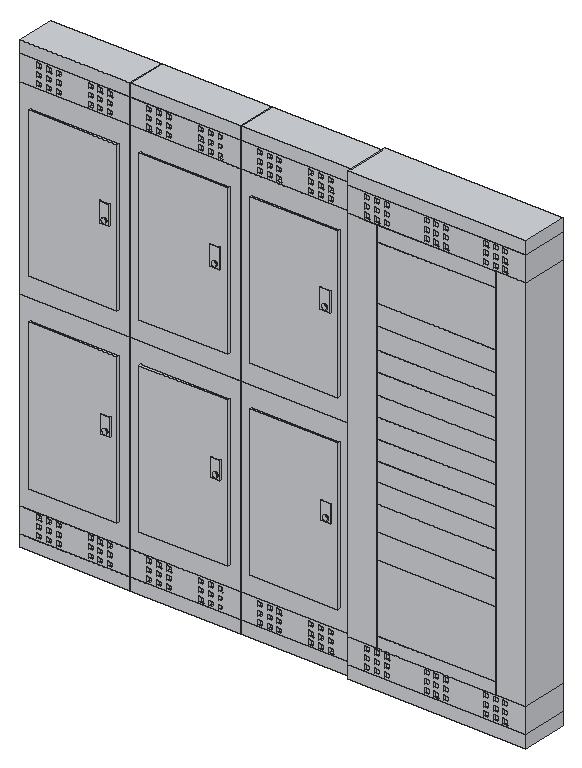
Revit family "Switchboard", category Generic Models, Revit 2025
Family settings
  Can host rebar = No
  Round Connector Dimension = Use Diameter
  Part Type = Normal
  Work Plane-Based = No
  Always vertical = Yes
  Cut with Voids When Loaded = No
  Maintain Annotation Orientation = No
  Shared = No
  Room Calculation Point = No
Parameters
  Width = 8' - 8"
  Default Elevation = 0' - 0"
Reference planes (in)
  plane 1 "Center (Front/Back)": y = 0
  plane 2: z = 0
  plane 3 "Center (Left/Right)": x = 0
  plane 4: x = -51.875
  plane 5: x = 0
  plane 6: y = 0
  plane 7 "center": z = 46.25
  plane 8: x = 51.875
Dimensions and locks (in)
  plane 5 to plane 4 = 4' - 3 7/8"
  plane 8 to plane 5 = 4' - 3 7/8"
  aligned and locked: level to plane 2
Nested families (in)
  nested 1: "Appliance Panel Top" at (-40.625, 0, 46.25), type "Standard"
  nested 2: "Appliance Panel Top" at (-18.125, 0, 46.25), type "Standard"
  nested 3: "Appliance Panel Top" at (4.375, 0, 46.25), type "Standard"
  nested 4: "Appliance Panel Bottom" at (-40.625, 0, 0), type "Standard"
  nested 5: "Appliance Panel Bottom" at (-18.125, 0, 0), type "Standard"
  nested 6: "Appliance Panel Bottom" at (4.375, 0, 0), type "Standard"
  nested 7: "Main Distribution Panel" at (33.75, 0, 0), type "Standard"
Definition of nested family "Appliance Panel Top"
  Parameters (values of type "Standard")
    Width = 1' - 10 1/2"
    Panel Width = 1' - 6"
    Depth = 0' - 8"
    Default Elevation = 4' - 0"
  Reference planes (in)
    plane 1 "Center (Front/Back)": y = 0
    plane 2: z = 0
    plane 3 "Center (Left/Right)": x = 0
    plane 4: z = 38.75
    plane 5: z = 44
    plane 6: z = 46.5
  Forms (in)
    Extrusion 1, solid
      sketch origin (0, 0, 0) x (1, 0, 0) y (0, 1, 0)
        loop
          line (-11.25, 4) -> (-11.25, -4) -> (11.25, -4) -> (11.25, 4) -> (-11.25, 4)
      from 0 to 38.75
    Extrusion 2, solid
      sketch origin (0, 0, 38.75) x (1, 0, 0) y (0, 1, 0)
        loop
          line (-11.25, 4) -> (-11.25, -4) -> (11.25, -4) -> (11.25, 4) -> (-11.25, 4)
      from 0 to 5.25
    Extrusion 3, solid
      sketch origin (0, 0, 44) x (1, 0, 0) y (0, 1, 0)
        loop
          line (-11.25, 4) -> (-11.25, -4) -> (11.25, -4) -> (11.25, 4) -> (-11.25, 4)
      from 0 to 2.5
    Extrusion 4, solid
      sketch origin (11.25, -4, 38.75) x (-1, 0, 0) y (0, 0, -1)
        loop
          line (20.25, 4.125) -> (20.25, 34.5) -> (2.25, 34.5) -> (2.25, 4.125) -> (20.25, 4.125)
      from 0 to 0.5
    Extrusion 5, solid
      sketch origin (11.25, -4.5, 38.75) x (-1, 0, 0) y (0, 0, -1)
        loop
          line (5.75, 15.5) -> (5.75, 19.5) -> (3.75, 19.5) -> (3.75, 15.5) -> (5.75, 15.5)
      from 0.16797 to 0
    Extrusion 6, solid
      sketch origin (11.25, -4.66797, 38.75) x (-1, 0, 0) y (0, 0, -1)
        loop
          circle (4.75, 18.75) r 0.5
      from 0 to 0.125
    Extrusion 7, void
      sketch origin (11.25, -4, 38.75) x (1, 0, 0) y (0, 0, -1)
        loop
          line (-19, -4.83333) -> (-18, -4.83333) -> (-18, -3.83333) -> (-19, -3.83333) -> (-19, -4.83333)
        loop
          line (-19, -3.125) -> (-18, -3.125) -> (-18, -2.125) -> (-19, -2.125) -> (-19, -3.125)
        loop
          line (-19, -1.4375) -> (-18, -1.4375) -> (-18, -0.4375) -> (-19, -0.4375) -> (-19, -1.4375)
        loop
          line (-17, -4.83333) -> (-16, -4.83333) -> (-16, -3.83333) -> (-17, -3.83333) -> (-17, -4.83333)
        loop
          line (-17, -3.125) -> (-16, -3.125) -> (-16, -2.125) -> (-17, -2.125) -> (-17, -3.125)
        loop
          line (-17, -1.4375) -> (-16, -1.4375) -> (-16, -0.4375) -> (-17, -0.4375) -> (-17, -1.4375)
        loop
          line (-15, -4.83333) -> (-14, -4.83333) -> (-14, -3.83333) -> (-15, -3.83333) -> (-15, -4.83333)
        loop
          line (-15, -3.125) -> (-14, -3.125) -> (-14, -2.125) -> (-15, -2.125) -> (-15, -3.125)
        loop
          line (-15, -1.4375) -> (-14, -1.4375) -> (-14, -0.4375) -> (-15, -0.4375) -> (-15, -1.4375)
        loop
          line (-3.5, -4.83333) -> (-3.5, -3.83333) -> (-4.5, -3.83333) -> (-4.5, -4.83333) -> (-3.5, -4.83333)
        loop
          line (-3.5, -3.125) -> (-3.5, -2.125) -> (-4.5, -2.125) -> (-4.5, -3.125) -> (-3.5, -3.125)
        loop
          line (-3.5, -1.4375) -> (-3.5, -0.4375) -> (-4.5, -0.4375) -> (-4.5, -1.4375) -> (-3.5, -1.4375)
        loop
          line (-5.5, -4.83333) -> (-5.5, -3.83333) -> (-6.5, -3.83333) -> (-6.5, -4.83333) -> (-5.5, -4.83333)
        loop
          line (-5.5, -3.125) -> (-5.5, -2.125) -> (-6.5, -2.125) -> (-6.5, -3.125) -> (-5.5, -3.125)
        loop
          line (-5.5, -1.4375) -> (-5.5, -0.4375) -> (-6.5, -0.4375) -> (-6.5, -1.4375) -> (-5.5, -1.4375)
        loop
          line (-7.5, -4.83333) -> (-7.5, -3.83333) -> (-8.5, -3.83333) -> (-8.5, -4.83333) -> (-7.5, -4.83333)
        loop
          line (-7.5, -3.125) -> (-7.5, -2.125) -> (-8.5, -2.125) -> (-8.5, -3.125) -> (-7.5, -3.125)
        loop
          line (-7.5, -1.4375) -> (-7.5, -0.4375) -> (-8.5, -0.4375) -> (-8.5, -1.4375) -> (-7.5, -1.4375)
      from 0 to 0.5
  Cuts and joins
    Extrusion 7 cuts Extrusion 2
  Dimensions and locks (in)
    equal spacing: Extrusion 1 sketch curve, plane 3 "Center (Left/Right)", Extrusion 1 sketch curve
    equal spacing: Extrusion 1 sketch curve, plane 1 "Center (Front/Back)", Extrusion 1 sketch curve
    "Width": Extrusion 1 sketch curve to Extrusion 1 sketch curve
    "Depth": Extrusion 1 sketch curve to Extrusion 1 sketch curve
    plane 4 to plane 2 = 3' - 2 3/4"
    equal spacing: Extrusion 2 sketch curve, plane 3 "Center (Left/Right)", Extrusion 2 sketch curve
    equal spacing: Extrusion 2 sketch curve, plane 1 "Center (Front/Back)", Extrusion 2 sketch curve
    "Width": Extrusion 2 sketch curve to Extrusion 2 sketch curve
    "Depth": Extrusion 2 sketch curve to Extrusion 2 sketch curve
    plane 5 to plane 4 = 0' - 5 1/4"
    Extrusion 3 sketch curve to Extrusion 3 sketch curve = 1' - 10 1/2"
    equal spacing: Extrusion 3 sketch curve, plane 1 "Center (Front/Back)", Extrusion 3 sketch curve
    "Width": Extrusion 3 sketch curve to Extrusion 3 sketch curve
    "Depth": Extrusion 3 sketch curve to Extrusion 3 sketch curve
    plane 6 to plane 5 = 0' - 2 1/2"
    equal spacing: Extrusion 4 sketch curve, plane 3 "Center (Left/Right)", Extrusion 4 sketch curve
    "Panel Width": Extrusion 4 sketch curve to Extrusion 4 sketch curve
    Extrusion 4 sketch curve to plane 2 = 0' - 4 1/4"
    Extrusion 5 sketch curve to Extrusion 4 = 1' - 3"
    Extrusion 5 sketch curve to Extrusion 4 = 0' - 1 1/2"
    aligned and locked: plane 2 to level
    aligned and locked: plane 4 to Extrusion 1
    aligned and locked: plane 5 to Extrusion 2
    aligned and locked: plane 6 to Extrusion 3
  Automatic sketch dimensions
    Extrusion 5 sketch curve to Extrusion 5 sketch curve = 0' - 2"
    Extrusion 5 sketch curve to Extrusion 5 sketch curve = 0' - 4"
    Extrusion 6 sketch curve to Extrusion 5 = 0' - 1"
    Extrusion 6 sketch curve to Extrusion 5 = 0' - 0 3/4"
    Extrusion 7 sketch curve to Extrusion 2 = 0' - 0.41667"  (x6)
    Extrusion 7 sketch curve to Extrusion 2 = 0' - 3 1/2"
    Extrusion 7 sketch curve to Extrusion 7 sketch curve = 0' - 0"  (x25)
    Extrusion 7 sketch curve to Extrusion 7 sketch curve = 0' - 1"  (x20)
    Extrusion 7 sketch curve to Extrusion 2 = 0' - 2 1/8"
    Extrusion 7 sketch curve to Extrusion 7 sketch curve = 0' - 5 1/2"
    Extrusion 7 sketch curve to Extrusion 2 = 0' - 0 7/16"  (x6)
    Extrusion 7 sketch curve to Extrusion 7 sketch curve = 0' - 0.70833"  (x6)
    Extrusion 7 sketch curve to Extrusion 7 sketch curve = 0' - 0 11/16"  (x6)
    Extrusion 2 sketch curve to Extrusion 1 = 0' - 0"
    Extrusion 3 sketch curve to Extrusion 2 = 0' - 0"  (x2)
    Extrusion 4 sketch curve to Extrusion 2 = 0' - 4 1/8"
    radius of Extrusion 6 sketch curve = 0' - 0 1/2"
Definition of nested family "Appliance Panel Bottom"
  Parameters (values of type "Standard")
    Width = 1' - 10 1/2"
    Panel Width = 1' - 6"
    Depth = 0' - 8"
    Default Elevation = 4' - 0"
  Reference planes (in)
    plane 1 "Center (Front/Back)": y = 0
    plane 2: z = 0
    plane 3 "Center (Left/Right)": x = 0
    plane 4: z = 2.5
    plane 5: z = 7.625
    plane 6: z = 46.25
    plane 7: x = -11.25
    plane 8: z = 5.91667
    plane 9: z = 4.20833
    plane 10: z = 5.0625
    plane 11: z = 6.77083
    plane 12: z = 3.35417
    plane 13: x = 6.6875
  Forms (in)
    Extrusion 1, solid
      sketch origin (0, 0, 0) x (1, 0, 0) y (0, 1, 0)
        loop
          line (-11.25, 4) -> (-11.25, -4) -> (11.25, -4) -> (11.25, 4) -> (-11.25, 4)
      from 0 to 2.5
    Extrusion 2, solid
      sketch origin (0, 0, 2.5) x (1, 0, 0) y (0, 1, 0)
        loop
          line (-11.25, 4) -> (-11.25, -4) -> (11.25, -4) -> (11.25, 4) -> (-11.25, 4)
      from 0 to 5.125
    Extrusion 3, solid
      sketch origin (0, 0, 7.625) x (1, 0, 0) y (0, 1, 0)
        loop
          line (-11.25, 4) -> (-11.25, -4) -> (11.25, -4) -> (11.25, 4) -> (-11.25, 4)
      from 0 to 38.625
    Extrusion 4, void
      sketch origin (11.25, -4, 2.5) x (1, 0, 0) y (0, 0, -1)
        loop
          line (-19, -4.77083) -> (-18, -4.77083) -> (-18, -3.77083) -> (-19, -3.77083) -> (-19, -4.77083)
        loop
          line (-19, -3.0625) -> (-18, -3.0625) -> (-18, -2.0625) -> (-19, -2.0625) -> (-19, -3.0625)
        loop
          line (-19, -1.375) -> (-18, -1.375) -> (-18, -0.375) -> (-19, -0.375) -> (-19, -1.375)
        loop
          line (-17, -4.77083) -> (-16, -4.77083) -> (-16, -3.77083) -> (-17, -3.77083) -> (-17, -4.77083)
        loop
          line (-17, -3.0625) -> (-16, -3.0625) -> (-16, -2.0625) -> (-17, -2.0625) -> (-17, -3.0625)
        loop
          line (-17, -1.375) -> (-16, -1.375) -> (-16, -0.375) -> (-17, -0.375) -> (-17, -1.375)
        loop
          line (-15, -4.77083) -> (-14, -4.77083) -> (-14, -3.77083) -> (-15, -3.77083) -> (-15, -4.77083)
        loop
          line (-15, -3.0625) -> (-14, -3.0625) -> (-14, -2.0625) -> (-15, -2.0625) -> (-15, -3.0625)
        loop
          line (-15, -1.375) -> (-14, -1.375) -> (-14, -0.375) -> (-15, -0.375) -> (-15, -1.375)
        loop
          line (-3.5, -4.77083) -> (-3.5, -3.77083) -> (-4.5, -3.77083) -> (-4.5, -4.77083) -> (-3.5, -4.77083)
        loop
          line (-3.5, -3.0625) -> (-3.5, -2.0625) -> (-4.5, -2.0625) -> (-4.5, -3.0625) -> (-3.5, -3.0625)
        loop
          line (-3.5, -1.375) -> (-3.5, -0.375) -> (-4.5, -0.375) -> (-4.5, -1.375) -> (-3.5, -1.375)
        loop
          line (-5.5, -4.77083) -> (-5.5, -3.77083) -> (-6.5, -3.77083) -> (-6.5, -4.77083) -> (-5.5, -4.77083)
        loop
          line (-5.5, -3.0625) -> (-5.5, -2.0625) -> (-6.5, -2.0625) -> (-6.5, -3.0625) -> (-5.5, -3.0625)
        loop
          line (-5.5, -1.375) -> (-5.5, -0.375) -> (-6.5, -0.375) -> (-6.5, -1.375) -> (-5.5, -1.375)
        loop
          line (-7.5, -4.77083) -> (-7.5, -3.77083) -> (-8.5, -3.77083) -> (-8.5, -4.77083) -> (-7.5, -4.77083)
        loop
          line (-7.5, -3.0625) -> (-7.5, -2.0625) -> (-8.5, -2.0625) -> (-8.5, -3.0625) -> (-7.5, -3.0625)
        loop
          line (-7.5, -1.375) -> (-7.5, -0.375) -> (-8.5, -0.375) -> (-8.5, -1.375) -> (-7.5, -1.375)
      from 0 to 0.5
    Extrusion 5, solid
      sketch origin (11.25, -4, 7.625) x (-1, 0, 0) y (0, 0, -1)
        loop
          line (20.25, -34.5) -> (20.25, -4.125) -> (2.25, -4.125) -> (2.25, -34.5) -> (20.25, -34.5)
      from 0 to 0.5
    Extrusion 6, solid
      sketch origin (11.375, -4.5, 7.625) x (-1, 0, 0) y (0, 0, -1)
        loop
          line (5.625, -23) -> (5.625, -19.375) -> (3.75, -19.375) -> (3.75, -23) -> (5.625, -23)
      from 0.16797 to 0
    Extrusion 7, solid
      sketch origin (11.375, -4.66797, 7.625) x (-1, 0, 0) y (0, 0, -1)
        loop
          circle (4.6875, -20.125) r 0.5
      from 0 to 0.125
    Extrusion 8, solid, not visible
      sketch origin (11.25, -4.75, 56.5) x (-1, 0, 0) y (0, 0, -1)
        loop
          line (20.25, 10.25) -> (20.25, 43.5) -> (2.25, 43.5) -> (2.25, 10.25) -> (20.25, 10.25)
      from 0 to 0.5
    Extrusion 9, solid, not visible
      sketch origin (11.25, -5.25, 56.5) x (-1, 0, 0) y (0, 0, -1)
        loop
          line (5.75, 24.25) -> (5.75, 28.25) -> (3.75, 28.25) -> (3.75, 24.25) -> (5.75, 24.25)
      from 0.16797 to 0
    Extrusion 10, solid, not visible
      sketch origin (11.25, -5.41797, 56.5) x (-1, 0, 0) y (0, 0, -1)
        loop
          circle (4.75, 27.5) r 0.5
      from 0 to 0.125
  Cuts and joins
    Extrusion 4 cuts Extrusion 2
  Dimensions and locks (in)
    equal spacing: Extrusion 1 sketch curve, plane 3 "Center (Left/Right)", Extrusion 1 sketch curve
    "Width": Extrusion 1 sketch curve to Extrusion 1 sketch curve
    plane 4 to plane 2 = 0' - 2 1/2"
    equal spacing: Extrusion 2 sketch curve, plane 3 "Center (Left/Right)", Extrusion 2 sketch curve
    equal spacing: Extrusion 2 sketch curve, plane 1 "Center (Front/Back)", Extrusion 2 sketch curve
    "Width": Extrusion 2 sketch curve to Extrusion 2 sketch curve
    "Depth": Extrusion 2 sketch curve to Extrusion 2 sketch curve
    plane 5 to plane 4 = 0' - 5 1/8"
    equal spacing: Extrusion 3 sketch curve, plane 3 "Center (Left/Right)", Extrusion 3 sketch curve
    "Width": Extrusion 3 sketch curve to Extrusion 3 sketch curve
    plane 6 to plane 5 = 3' - 2 5/8"
    Extrusion 6 sketch curve to Extrusion 5 = 1' - 3 1/4"
    Extrusion 6 sketch curve to Extrusion 5 = 0' - 1 3/8"
    Extrusion 9 sketch curve to Extrusion 8 = 1' - 3 1/4"
    Extrusion 9 sketch curve to Extrusion 8 = 0' - 1 1/2"
    Extrusion 5 to plane 5 = 0' - 4 1/8"
    equal spacing: cut or joined group of Extrusion 2, Extrusion 4, plane 11, plane 8, plane 10, plane 9, plane 12, cut or joined group of Extrusion 2, Extrusion 4
    Extrusion 5 to Extrusion 6 = 0' - 1 3/8"
    Extrusion 6 sketch curve to Extrusion 6 sketch curve = 0' - 1 7/8"
    equal spacing: Extrusion 3 sketch curve, plane 1 "Center (Front/Back)", Extrusion 3 sketch curve
    "Depth": Extrusion 3 sketch curve to Extrusion 3 sketch curve
    equal spacing: Extrusion 1 sketch curve, plane 1 "Center (Front/Back)", Extrusion 1 sketch curve
    "Depth": Extrusion 1 sketch curve to Extrusion 1 sketch curve
    aligned and locked: plane 2 to level
    aligned and locked: plane 4 to Extrusion 1
    aligned and locked: plane 5 to Extrusion 2
    aligned and locked: plane 6 to Extrusion 3
  Automatic sketch dimensions
    Extrusion 9 sketch curve to Extrusion 9 sketch curve = 0' - 2"
    Extrusion 9 sketch curve to Extrusion 9 sketch curve = 0' - 4"
    Extrusion 10 sketch curve to Extrusion 9 = 0' - 1"
    Extrusion 10 sketch curve to Extrusion 9 = 0' - 0 3/4"
    Extrusion 8 sketch curve to Extrusion 8 sketch curve = 1' - 6"
    Extrusion 8 sketch curve to Extrusion 8 sketch curve = 2' - 9 1/4"
    Extrusion 4 sketch curve to Extrusion 2 = 0' - 0.35417"  (x6)
    Extrusion 4 sketch curve to Extrusion 2 = 0' - 3 1/2"
    Extrusion 4 sketch curve to Extrusion 4 sketch curve = 0' - 0"  (x23)
    Extrusion 4 sketch curve to Extrusion 4 sketch curve = 0' - 1"  (x22)
    Extrusion 4 sketch curve to Extrusion 2 = 0' - 2 1/16"
    Extrusion 4 sketch curve to Extrusion 4 sketch curve = 0' - 5 1/2"
    Extrusion 4 sketch curve to Extrusion 2 = 0' - 0 3/8"  (x6)
    Extrusion 4 sketch curve to Extrusion 4 sketch curve = 0' - 0.70833"  (x6)
    Extrusion 4 sketch curve to Extrusion 4 sketch curve = 0' - 0 11/16"  (x6)
    Extrusion 6 sketch curve to Extrusion 6 sketch curve = 0' - 3 5/8"
    Extrusion 7 sketch curve to Extrusion 6 = 0' - 0 15/16"
    Extrusion 7 sketch curve to Extrusion 6 = 0' - 0 3/4"
    Extrusion 5 sketch curve to Extrusion 3 = 0' - 2 1/4"
    Extrusion 3 to Extrusion 5 sketch curve = 0' - 2 1/4"
    Extrusion 3 to Extrusion 5 sketch curve = 0' - 4 1/8"  (x2)
    Extrusion 2 sketch curve to Extrusion 1 = 0' - 0"
    Extrusion 3 sketch curve to Extrusion 2 = 0' - 0"
    radius of Extrusion 10 sketch curve = 0' - 0 1/2"
    radius of Extrusion 7 sketch curve = 0' - 0 1/2"
Definition of nested family "Main Distribution Panel"
  Parameters (values of type "Standard")
    Width = 3' - 0 1/4"
    Deoth = 0' - 9 1/2"
    Default Elevation = 0' - 0"
  Reference planes (in)
    plane 1 "Center (Front/Back)": y = 0
    plane 2: z = 0
    plane 3 "Center (Left/Right)": x = 0
    plane 4: z = 2.5
    plane 5: z = 7.625
    plane 6: z = 85.125
    plane 7: z = 101.5
    plane 8: z = 87.6875
  Forms (in)
    Extrusion 1, solid
      sketch origin (0, 0, 0) x (1, 0, 0) y (0, 1, 0)
        loop
          line (-18.125, 4.75) -> (-18.125, -4.75) -> (18.125, -4.75) -> (18.125, 4.75) -> (-18.125, 4.75)
      from 0 to 2.5
    Extrusion 2, solid
      sketch origin (0, 0, 2.5) x (1, 0, 0) y (0, 1, 0)
        loop
          line (-18.125, 4.75) -> (-18.125, -4.75) -> (18.125, -4.75) -> (18.125, 4.75) -> (-18.125, 4.75)
      from 0 to 5.125
    Extrusion 3, solid
      sketch origin (0, 0, 7.625) x (1, 0, 0) y (0, 1, 0)
        loop
          line (-18.125, 4.75) -> (-18.125, -4.75) -> (-12.125, -4.75) -> (-12.125, 4.75) -> (-18.125, 4.75)
        loop
          line (18.125, 4.75) -> (12.125, 4.75) -> (12.125, -4.75) -> (18.125, -4.75) -> (18.125, 4.75)
      from 0 to 77.5
    Extrusion 4, solid
      sketch origin (0, 0, 7.625) x (1, 0, 0) y (0, 1, 0)
        loop
          line (-12.125, 4.75) -> (-12.125, -4.75) -> (12.125, -4.75) -> (12.125, 4.75) -> (-12.125, 4.75)
      from 0 to 2.375
    Extrusion 5, solid
      sketch origin (0, 0, 10) x (1, 0, 0) y (0, 1, 0)
        loop
          line (-12.125, 4.75) -> (-12.125, -4.75) -> (12.125, -4.75) -> (12.125, 4.75) -> (-12.125, 4.75)
      from 0 to 13.75
    Extrusion 6, solid
      sketch origin (0, 0, 23.75) x (1, 0, 0) y (0, 1, 0)
        loop
          line (-12.125, 4.75) -> (-12.125, -4.75) -> (12.125, -4.75) -> (12.125, 4.75) -> (-12.125, 4.75)
      from 0 to 5.125
    Extrusion 7, solid
      sketch origin (0, 0, 28.875) x (1, 0, 0) y (0, 1, 0)
        loop
          line (-12.125, 4.75) -> (-12.125, -4.75) -> (12.125, -4.75) -> (12.125, 4.75) -> (-12.125, 4.75)
      from 0 to 5.125
    Extrusion 8, solid
      sketch origin (0, 0, 34) x (1, 0, 0) y (0, 1, 0)
        loop
          line (-12.125, 4.75) -> (-12.125, -4.75) -> (12.125, -4.75) -> (12.125, 4.75) -> (-12.125, 4.75)
      from 0 to 4
    Extrusion 9, solid
      sketch origin (0, 0, 38) x (1, 0, 0) y (0, 1, 0)
        loop
          line (-12.125, 4.75) -> (-12.125, -4.75) -> (12.125, -4.75) -> (12.125, 4.75) -> (-12.125, 4.75)
      from 0 to 4
    Extrusion 10, solid
      sketch origin (0, 0, 42) x (1, 0, 0) y (0, 1, 0)
        loop
          line (-12.125, 4.75) -> (-12.125, -4.75) -> (12.125, -4.75) -> (12.125, 4.75) -> (-12.125, 4.75)
      from 0 to 4
    Extrusion 11, solid
      sketch origin (0, 0, 46) x (1, 0, 0) y (0, 1, 0)
        loop
          line (-12.125, 4.75) -> (-12.125, -4.75) -> (12.125, -4.75) -> (12.125, 4.75) -> (-12.125, 4.75)
      from 0 to 4
    Extrusion 12, solid
      sketch origin (0, 0, 50) x (1, 0, 0) y (0, 1, 0)
        loop
          line (-12.125, 4.75) -> (-12.125, -4.75) -> (12.125, -4.75) -> (12.125, 4.75) -> (-12.125, 4.75)
      from 0 to 4
    Extrusion 13, solid
      sketch origin (0, 0, 54) x (1, 0, 0) y (0, 1, 0)
        loop
          line (-12.125, 4.75) -> (-12.125, -4.75) -> (12.125, -4.75) -> (12.125, 4.75) -> (-12.125, 4.75)
      from 0 to 4.25
    Extrusion 14, solid
      sketch origin (0, 0, 58.25) x (1, 0, 0) y (0, 1, 0)
        loop
          line (-12.125, 4.75) -> (-12.125, -4.75) -> (12.125, -4.75) -> (12.125, 4.75) -> (-12.125, 4.75)
      from 0 to 4
    Extrusion 15, solid
      sketch origin (0, 0, 62.25) x (1, 0, 0) y (0, 1, 0)
        loop
          line (-12.125, 4.75) -> (-12.125, -4.75) -> (12.125, -4.75) -> (12.125, 4.75) -> (-12.125, 4.75)
      from 0 to 4.25
    Extrusion 16, solid
      sketch origin (0, 0, 66.5) x (1, 0, 0) y (0, 1, 0)
        loop
          line (-12.125, 4.75) -> (-12.125, -4.75) -> (12.125, -4.75) -> (12.125, 4.75) -> (-12.125, 4.75)
      from 0 to 4.25
    Extrusion 17, solid
      sketch origin (0, 0, 70.75) x (1, 0, 0) y (0, 1, 0)
        loop
          line (-12.125, 4.75) -> (-12.125, -4.75) -> (12.125, -4.75) -> (12.125, 4.75) -> (-12.125, 4.75)
      from 0 to 11.25
    Extrusion 18, solid
      sketch origin (0, 0, 90.25) x (1, 0, 0) y (0, 1, 0)
        loop
          line (-18.125, 4.75) -> (-18.125, -4.75) -> (18.125, -4.75) -> (18.125, 4.75) -> (-18.125, 4.75)
      from 0 to 2.5
    Extrusion 19, solid
      sketch origin (0, 0, 85.125) x (1, 0, 0) y (0, 1, 0)
        loop
          line (-18.125, 4.75) -> (-18.125, -4.75) -> (18.125, -4.75) -> (18.125, 4.75) -> (-18.125, 4.75)
      from 0 to 5.125
    Extrusion 20, void
      sketch origin (18.125, -4.75, 85.125) x (1, 0, 0) y (0, 0, -1)
        loop
          line (-3.54167, 77.79167) -> (-3.54167, 78.79167) -> (-4.54167, 78.79167) -> (-4.54167, 77.79167) -> (-3.54167, 77.79167)
        loop
          line (-3.54167, 79.5) -> (-3.54167, 80.5) -> (-4.54167, 80.5) -> (-4.54167, 79.5) -> (-3.54167, 79.5)
        loop
          line (-3.54167, 81.1875) -> (-3.54167, 82.1875) -> (-4.54167, 82.1875) -> (-4.54167, 81.1875) -> (-3.54167, 81.1875)
        loop
          line (-5.54167, 77.79167) -> (-5.54167, 78.79167) -> (-6.54167, 78.79167) -> (-6.54167, 77.79167) -> (-5.54167, 77.79167)
        loop
          line (-5.54167, 79.5) -> (-5.54167, 80.5) -> (-6.54167, 80.5) -> (-6.54167, 79.5) -> (-5.54167, 79.5)
        loop
          line (-5.54167, 81.1875) -> (-5.54167, 82.1875) -> (-6.54167, 82.1875) -> (-6.54167, 81.1875) -> (-5.54167, 81.1875)
        loop
          line (-7.54167, 77.79167) -> (-7.54167, 78.79167) -> (-8.54167, 78.79167) -> (-8.54167, 77.79167) -> (-7.54167, 77.79167)
        loop
          line (-7.54167, 79.5) -> (-7.54167, 80.5) -> (-8.54167, 80.5) -> (-8.54167, 79.5) -> (-7.54167, 79.5)
        loop
          line (-7.54167, 81.1875) -> (-7.54167, 82.1875) -> (-8.54167, 82.1875) -> (-8.54167, 81.1875) -> (-7.54167, 81.1875)
        loop
          line (-15.625, 77.79167) -> (-15.625, 78.79167) -> (-16.625, 78.79167) -> (-16.625, 77.79167) -> (-15.625, 77.79167)
        loop
          line (-15.625, 79.5) -> (-15.625, 80.5) -> (-16.625, 80.5) -> (-16.625, 79.5) -> (-15.625, 79.5)
        loop
          line (-15.625, 81.1875) -> (-15.625, 82.1875) -> (-16.625, 82.1875) -> (-16.625, 81.1875) -> (-15.625, 81.1875)
        loop
          line (-17.625, 77.79167) -> (-17.625, 78.79167) -> (-18.625, 78.79167) -> (-18.625, 77.79167) -> (-17.625, 77.79167)
        loop
          line (-17.625, 79.5) -> (-17.625, 80.5) -> (-18.625, 80.5) -> (-18.625, 79.5) -> (-17.625, 79.5)
        loop
          line (-17.625, 81.1875) -> (-17.625, 82.1875) -> (-18.625, 82.1875) -> (-18.625, 81.1875) -> (-17.625, 81.1875)
        loop
          line (-19.625, 77.79167) -> (-19.625, 78.79167) -> (-20.625, 78.79167) -> (-20.625, 77.79167) -> (-19.625, 77.79167)
        loop
          line (-19.625, 79.5) -> (-19.625, 80.5) -> (-20.625, 80.5) -> (-20.625, 79.5) -> (-19.625, 79.5)
        loop
          line (-19.625, 81.1875) -> (-19.625, 82.1875) -> (-20.625, 82.1875) -> (-20.625, 81.1875) -> (-19.625, 81.1875)
        loop
          line (-27.70833, 77.79167) -> (-27.70833, 78.79167) -> (-28.70833, 78.79167) -> (-28.70833, 77.79167) -> (-27.70833, 77.79167)
        loop
          line (-27.70833, 79.5) -> (-27.70833, 80.5) -> (-28.70833, 80.5) -> (-28.70833, 79.5) -> (-27.70833, 79.5)
        loop
          line (-27.70833, 81.1875) -> (-27.70833, 82.1875) -> (-28.70833, 82.1875) -> (-28.70833, 81.1875) -> (-27.70833, 81.1875)
        loop
          line (-29.70833, 77.79167) -> (-29.70833, 78.79167) -> (-30.70833, 78.79167) -> (-30.70833, 77.79167) -> (-29.70833, 77.79167)
        loop
          line (-29.70833, 79.5) -> (-29.70833, 80.5) -> (-30.70833, 80.5) -> (-30.70833, 79.5) -> (-29.70833, 79.5)
        loop
          line (-29.70833, 81.1875) -> (-29.70833, 82.1875) -> (-30.70833, 82.1875) -> (-30.70833, 81.1875) -> (-29.70833, 81.1875)
        loop
          line (-31.70833, 77.79167) -> (-31.70833, 78.79167) -> (-32.70833, 78.79167) -> (-32.70833, 77.79167) -> (-31.70833, 77.79167)
        loop
          line (-31.70833, 79.5) -> (-31.70833, 80.5) -> (-32.70833, 80.5) -> (-32.70833, 79.5) -> (-31.70833, 79.5)
        loop
          line (-31.70833, 81.1875) -> (-31.70833, 82.1875) -> (-32.70833, 82.1875) -> (-32.70833, 81.1875) -> (-31.70833, 81.1875)
        loop
          line (-3.54167, -4.77083) -> (-3.54167, -3.77083) -> (-4.54167, -3.77083) -> (-4.54167, -4.77083) -> (-3.54167, -4.77083)
        loop
          line (-3.54167, -3.0625) -> (-3.54167, -2.0625) -> (-4.54167, -2.0625) -> (-4.54167, -3.0625) -> (-3.54167, -3.0625)
        loop
          line (-3.54167, -1.375) -> (-3.54167, -0.375) -> (-4.54167, -0.375) -> (-4.54167, -1.375) -> (-3.54167, -1.375)
        loop
          line (-5.54167, -4.77083) -> (-5.54167, -3.77083) -> (-6.54167, -3.77083) -> (-6.54167, -4.77083) -> (-5.54167, -4.77083)
        loop
          line (-5.54167, -3.0625) -> (-5.54167, -2.0625) -> (-6.54167, -2.0625) -> (-6.54167, -3.0625) -> (-5.54167, -3.0625)
        loop
          line (-5.54167, -1.375) -> (-5.54167, -0.375) -> (-6.54167, -0.375) -> (-6.54167, -1.375) -> (-5.54167, -1.375)
        loop
          line (-7.54167, -4.77083) -> (-7.54167, -3.77083) -> (-8.54167, -3.77083) -> (-8.54167, -4.77083) -> (-7.54167, -4.77083)
        loop
          line (-7.54167, -3.0625) -> (-7.54167, -2.0625) -> (-8.54167, -2.0625) -> (-8.54167, -3.0625) -> (-7.54167, -3.0625)
        loop
          line (-7.54167, -1.375) -> (-7.54167, -0.375) -> (-8.54167, -0.375) -> (-8.54167, -1.375) -> (-7.54167, -1.375)
        loop
          line (-15.625, -4.77083) -> (-15.625, -3.77083) -> (-16.625, -3.77083) -> (-16.625, -4.77083) -> (-15.625, -4.77083)
        loop
          line (-15.625, -3.0625) -> (-15.625, -2.0625) -> (-16.625, -2.0625) -> (-16.625, -3.0625) -> (-15.625, -3.0625)
        loop
          line (-15.625, -1.375) -> (-15.625, -0.375) -> (-16.625, -0.375) -> (-16.625, -1.375) -> (-15.625, -1.375)
        loop
          line (-17.625, -4.77083) -> (-17.625, -3.77083) -> (-18.625, -3.77083) -> (-18.625, -4.77083) -> (-17.625, -4.77083)
        loop
          line (-17.625, -3.0625) -> (-17.625, -2.0625) -> (-18.625, -2.0625) -> (-18.625, -3.0625) -> (-17.625, -3.0625)
        loop
          line (-17.625, -1.375) -> (-17.625, -0.375) -> (-18.625, -0.375) -> (-18.625, -1.375) -> (-17.625, -1.375)
        loop
          line (-19.625, -4.77083) -> (-19.625, -3.77083) -> (-20.625, -3.77083) -> (-20.625, -4.77083) -> (-19.625, -4.77083)
        loop
          line (-19.625, -3.0625) -> (-19.625, -2.0625) -> (-20.625, -2.0625) -> (-20.625, -3.0625) -> (-19.625, -3.0625)
        loop
          line (-19.625, -1.375) -> (-19.625, -0.375) -> (-20.625, -0.375) -> (-20.625, -1.375) -> (-19.625, -1.375)
        loop
          line (-27.70833, -4.77083) -> (-27.70833, -3.77083) -> (-28.70833, -3.77083) -> (-28.70833, -4.77083) -> (-27.70833, -4.77083)
        loop
          line (-27.70833, -3.0625) -> (-27.70833, -2.0625) -> (-28.70833, -2.0625) -> (-28.70833, -3.0625) -> (-27.70833, -3.0625)
        loop
          line (-27.70833, -1.375) -> (-27.70833, -0.375) -> (-28.70833, -0.375) -> (-28.70833, -1.375) -> (-27.70833, -1.375)
        loop
          line (-29.70833, -4.77083) -> (-29.70833, -3.77083) -> (-30.70833, -3.77083) -> (-30.70833, -4.77083) -> (-29.70833, -4.77083)
        loop
          line (-29.70833, -3.0625) -> (-29.70833, -2.0625) -> (-30.70833, -2.0625) -> (-30.70833, -3.0625) -> (-29.70833, -3.0625)
        loop
          line (-29.70833, -1.375) -> (-29.70833, -0.375) -> (-30.70833, -0.375) -> (-30.70833, -1.375) -> (-29.70833, -1.375)
        loop
          line (-31.70833, -4.77083) -> (-31.70833, -3.77083) -> (-32.70833, -3.77083) -> (-32.70833, -4.77083) -> (-31.70833, -4.77083)
        loop
          line (-31.70833, -3.0625) -> (-31.70833, -2.0625) -> (-32.70833, -2.0625) -> (-32.70833, -3.0625) -> (-31.70833, -3.0625)
        loop
          line (-31.70833, -1.375) -> (-31.70833, -0.375) -> (-32.70833, -0.375) -> (-32.70833, -1.375) -> (-31.70833, -1.375)
      from 0 to 0.25
    Extrusion 21, solid
      sketch origin (0, 0, 82) x (1, 0, 0) y (0, 1, 0)
        loop
          line (-12.125, 4.75) -> (-12.125, -4.75) -> (12.125, -4.75) -> (12.125, 4.75) -> (-12.125, 4.75)
      from 0 to 3.125
  Cuts and joins
    Extrusion 20 cuts Extrusion 2
    Extrusion 20 cuts Extrusion 19
  Dimensions and locks (in)
    equal spacing: Extrusion 1 sketch curve, plane 1 "Center (Front/Back)", Extrusion 1 sketch curve
    "Deoth": Extrusion 1 sketch curve to Extrusion 1 sketch curve
    equal spacing: Extrusion 1 sketch curve, plane 3 "Center (Left/Right)", Extrusion 1 sketch curve
    "Width": Extrusion 1 sketch curve to Extrusion 1 sketch curve
    plane 4 to plane 2 = 0' - 2 1/2"
    Extrusion 2 sketch curve to Extrusion 2 sketch curve = 0' - 9 1/2"
    "Deoth": Extrusion 2 sketch curve to Extrusion 2 sketch curve
    Extrusion 2 sketch curve to Extrusion 2 sketch curve = 3' - 0 1/4"
    "Width": Extrusion 2 sketch curve to Extrusion 2 sketch curve
    plane 5 to plane 4 = 0' - 5 1/8"
    "Deoth": Extrusion 3 sketch curve to Extrusion 3 sketch curve
    plane 6 to plane 5 = 6' - 5 1/2"
    Extrusion 2 to Extrusion 3 sketch curve = 0' - 6"
    Extrusion 4 sketch curve to Extrusion 4 sketch curve = 0' - 9 1/2"
    "Deoth": Extrusion 4 sketch curve to Extrusion 4 sketch curve
    Extrusion 5 sketch curve to Extrusion 5 sketch curve = 0' - 9 1/2"
    "Deoth": Extrusion 5 sketch curve to Extrusion 5 sketch curve
    Extrusion 6 sketch curve to Extrusion 6 sketch curve = 0' - 9 1/2"
    "Deoth": Extrusion 6 sketch curve to Extrusion 6 sketch curve
    Extrusion 7 sketch curve to Extrusion 7 sketch curve = 0' - 9 1/2"
    "Deoth": Extrusion 7 sketch curve to Extrusion 7 sketch curve
    Extrusion 8 sketch curve to Extrusion 8 sketch curve = 0' - 9 1/2"
    "Deoth": Extrusion 8 sketch curve to Extrusion 8 sketch curve
    Extrusion 9 sketch curve to Extrusion 9 sketch curve = 0' - 9 1/2"
    "Deoth": Extrusion 9 sketch curve to Extrusion 9 sketch curve
    Extrusion 10 sketch curve to Extrusion 10 sketch curve = 0' - 9 1/2"
    "Deoth": Extrusion 10 sketch curve to Extrusion 10 sketch curve
    Extrusion 11 sketch curve to Extrusion 11 sketch curve = 0' - 9 1/2"
    "Deoth": Extrusion 11 sketch curve to Extrusion 11 sketch curve
    Extrusion 12 sketch curve to Extrusion 12 sketch curve = 0' - 9 1/2"
    "Deoth": Extrusion 12 sketch curve to Extrusion 12 sketch curve
    Extrusion 15 to Extrusion 15 to Extrusion 13 to Extrusion 12 to Extrusion 12 to Extrusion 11 to Extrusion 10 to Extrusion 9 to Extrusion 8 to Extrusion 7 to Extrusion 6 = 0' - 4 1/4", 0' - 4", 0' - 4 1/4", 0' - 4", 0' - 4", 0' - 4", 0' - 4", 0' - 4", 0' - 5 1/8", 0' - 5 1/8"
    Extrusion 13 sketch curve to Extrusion 13 sketch curve = 0' - 9 1/2"
    "Deoth": Extrusion 13 sketch curve to Extrusion 13 sketch curve
    Extrusion 14 sketch curve to Extrusion 14 sketch curve = 0' - 9 1/2"
    "Deoth": Extrusion 14 sketch curve to Extrusion 14 sketch curve
    Extrusion 15 sketch curve to Extrusion 15 sketch curve = 0' - 9 1/2"
    "Deoth": Extrusion 15 sketch curve to Extrusion 15 sketch curve
    Extrusion 16 sketch curve to Extrusion 16 sketch curve = 0' - 9 1/2"
    "Deoth": Extrusion 16 sketch curve to Extrusion 16 sketch curve
    Extrusion 17 sketch curve to Extrusion 17 sketch curve = 0' - 9 1/2"
    "Deoth": Extrusion 17 sketch curve to Extrusion 17 sketch curve
    plane 7 to plane 2 = 8' - 5 1/2"
    Extrusion 18 sketch curve to Extrusion 18 sketch curve = 0' - 9 1/2"
    "Deoth": Extrusion 18 sketch curve to Extrusion 18 sketch curve
    Extrusion 18 sketch curve to Extrusion 18 sketch curve = 3' - 0 1/4"
    "Width": Extrusion 18 sketch curve to Extrusion 18 sketch curve
    Extrusion 19 sketch curve to Extrusion 19 sketch curve = 0' - 9 1/2"
    "Deoth": Extrusion 19 sketch curve to Extrusion 19 sketch curve
    Extrusion 19 sketch curve to Extrusion 19 sketch curve = 3' - 0 1/4"
    "Width": Extrusion 19 sketch curve to Extrusion 19 sketch curve
    Extrusion 6 to Extrusion 5 = 1' - 1 3/4"
    Extrusion 21 sketch curve to Extrusion 21 sketch curve = 0' - 9 1/2"
    "Deoth": Extrusion 21 sketch curve to Extrusion 21 sketch curve
    aligned and locked: plane 2 to level
    aligned and locked: plane 4 to Extrusion 1
    aligned and locked: plane 5 to Extrusion 2
    aligned and locked: plane 6 to Extrusion 3
    aligned and locked: plane 6 to Extrusion 21
  Automatic sketch dimensions
    Extrusion 20 sketch curve to Extrusion 19 = 0' - 0 3/8"  (x9)
    Extrusion 20 sketch curve to Extrusion 19 = 0' - 3.54167"  (x2)
    Extrusion 20 sketch curve to Extrusion 20 sketch curve = 0' - 0"  (x84)
    Extrusion 20 sketch curve to Extrusion 20 sketch curve = 0' - 1"  (x71)
    Extrusion 20 sketch curve to Extrusion 19 = 0' - 0.35417"  (x9)
    Extrusion 20 sketch curve to Extrusion 20 sketch curve = 0' - 7.08333"  (x4)
    Extrusion 20 sketch curve to Extrusion 20 sketch curve = 0' - 0.70833"  (x18)
    Extrusion 20 sketch curve to Extrusion 20 sketch curve = 0' - 0 11/16"  (x18)
    Extrusion 19 to Extrusion 20 sketch curve = 6' - 5.79167"
    Extrusion 2 sketch curve to Extrusion 1 = 0' - 0"  (x2)
    Extrusion 3 sketch curve to Extrusion 2 = 0' - 0"  (x4)
    Extrusion 2 to Extrusion 3 sketch curve = 0' - 0"
    Extrusion 3 sketch curve to Extrusion 3 sketch curve = 0' - 6"
    Extrusion 2 to Extrusion 4 sketch curve = 0' - 0"
    Extrusion 4 sketch curve to Extrusion 2 = 0' - 6"  (x2)
    Extrusion 5 sketch curve to Extrusion 4 = 0' - 0"  (x2)
    Extrusion 4 to Extrusion 5 sketch curve = 0' - 0"
    Extrusion 6 sketch curve to Extrusion 5 = 0' - 0"  (x2)
    Extrusion 5 to Extrusion 6 sketch curve = 0' - 0"
    Extrusion 7 sketch curve to Extrusion 6 = 0' - 0"  (x2)
    Extrusion 6 to Extrusion 7 sketch curve = 0' - 0"
    Extrusion 8 sketch curve to Extrusion 7 = 0' - 0"  (x2)
    Extrusion 7 to Extrusion 8 sketch curve = 0' - 0"
    Extrusion 9 sketch curve to Extrusion 8 = 0' - 0"  (x2)
    Extrusion 8 to Extrusion 9 sketch curve = 0' - 0"
    Extrusion 10 sketch curve to Extrusion 9 = 0' - 0"  (x2)
    Extrusion 9 to Extrusion 10 sketch curve = 0' - 0"
    Extrusion 11 sketch curve to Extrusion 10 = 0' - 0"  (x2)
    Extrusion 10 to Extrusion 11 sketch curve = 0' - 0"
    Extrusion 12 sketch curve to Extrusion 11 = 0' - 0"  (x2)
    Extrusion 11 to Extrusion 12 sketch curve = 0' - 0"
    Extrusion 13 sketch curve to Extrusion 12 = 0' - 0"  (x2)
    Extrusion 12 to Extrusion 13 sketch curve = 0' - 0"
    Extrusion 14 sketch curve to Extrusion 13 = 0' - 0"  (x2)
    Extrusion 13 to Extrusion 14 sketch curve = 0' - 0"
    Extrusion 15 sketch curve to Extrusion 14 = 0' - 0"  (x2)
    Extrusion 14 to Extrusion 15 sketch curve = 0' - 0"
    Extrusion 16 sketch curve to Extrusion 15 = 0' - 0"  (x2)
    Extrusion 15 to Extrusion 16 sketch curve = 0' - 0"
    Extrusion 17 sketch curve to Extrusion 16 = 0' - 0"  (x2)
    Extrusion 16 to Extrusion 17 sketch curve = 0' - 0"
    Extrusion 18 sketch curve to Extrusion 19 = 0' - 0"  (x2)
    Extrusion 19 sketch curve to Extrusion 3 = 0' - 0"  (x2)
    Extrusion 21 sketch curve to Extrusion 17 = 0' - 0"  (x2)
    Extrusion 17 to Extrusion 21 sketch curve = 0' - 0"
